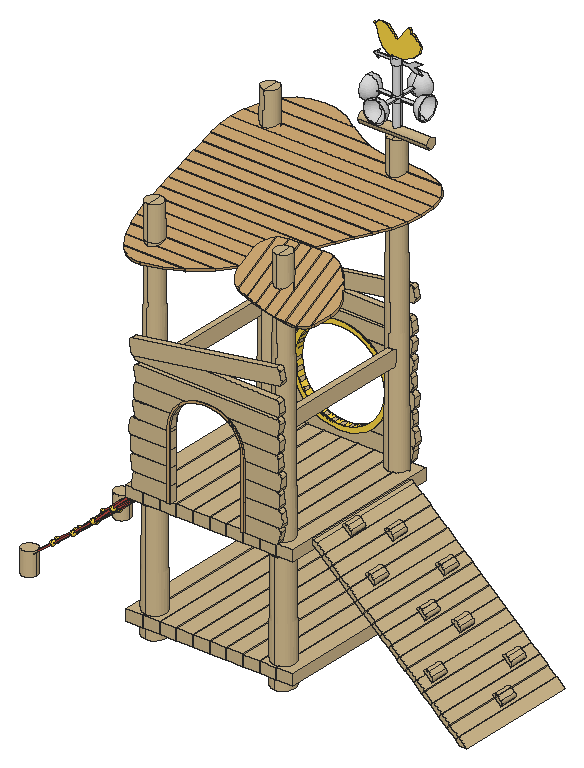
Revit family "L-FUP_놀이대_BNM-06A_예건", category 일반 모델, Revit 2019 (continued)
Definition of nested family "BNM-06A 카나리아_base"
  Forms (mm)
    Sweep 77, solid, detail levels fine
      path in 3D
        loop
          line (1023.254, 515.839, 1136.81) -> (898.653, 515.839, 938.936)
      profile "로프_프로파일 : 로프_프로파일" origin (960.953, 515.839, 1037.873) x (0.846206, 0, -0.532855) y (0, -1, 0)
        loop
          circle (0, 0) r 5
    Sweep 78, solid, detail levels fine
      path in 3D
        loop
          line (1031.398, 258.946, 1139.941) -> (893.952, 258.946, 950.763)
      profile "로프_프로파일 : 로프_프로파일" origin (962.675, 258.946, 1045.352) x (0.809017, 0, -0.587785) y (0, -1, 0)
        loop
          circle (0, 0) r 5
    Sweep 79, solid, detail levels fine
      path in 3D
        loop
          line (1031.398, 778.946, 1139.941) -> (893.952, 778.946, 950.763)
      profile "로프_프로파일 : 로프_프로파일" origin (962.675, 778.946, 1045.352) x (0.809017, 0, -0.587785) y (0, -1, 0)
        loop
          circle (0, 0) r 5
    Sweep 80, solid, detail levels fine
      path in 3D
        loop
          line (882.092, -0.923, 949.924) -> (713.472, -0.923, 787.915)
      profile "로프_프로파일 : 로프_프로파일" origin (797.782, -0.923, 868.919) x (0.692828, 0, -0.721103) y (0, -1, 0)
        loop
          circle (0, 0) r 5
    Sweep 81, solid, detail levels fine
      path in 3D
        loop
          line (875.345, 1040, 953.328) -> (715.869, 1040, 782.311)
      profile "로프_프로파일 : 로프_프로파일" origin (795.607, 1040, 867.82) x (0.731354, 0, -0.681998) y (0, -1, 0)
        loop
          circle (0, 0) r 5
    Sweep 82, solid, detail levels fine
      path in 3D
        loop
          line (881.279, 515.222, 924.799) -> (724.21, 515.222, 751.568)
      profile "로프_프로파일 : 로프_프로파일" origin (802.745, 515.222, 838.184) x (0.740821, 0, -0.671702) y (0, -1, 0)
        loop
          circle (0, 0) r 5
    Sweep 83, solid, detail levels fine
      path in 3D
        loop
          line (883.74, 258.303, 938.666) -> (721.303, 258.303, 770.458)
      profile "로프_프로파일 : 로프_프로파일" origin (802.521, 258.303, 854.562) x (0.71934, 0, -0.694658) y (0, -1, 0)
        loop
          circle (0, 0) r 5
    Sweep 84, solid, detail levels fine
      path in 3D
        loop
          line (880.476, 778.092, 935.986) -> (718.29, 778.092, 767.536)
      profile "로프_프로파일 : 로프_프로파일" origin (799.383, 778.092, 851.761) x (0.720373, 0, -0.693587) y (0, -1, 0)
        loop
          circle (0, 0) r 5
    Sweep 85, solid, detail levels fine
      path in 3D
        loop
          line (706.997, 1040, 789.157) -> (541.65, 1040, 623.809)
      profile "로프_프로파일 : 로프_프로파일" origin (624.323, 1040, 706.483) x (0.707107, 0, -0.707107) y (0, -1, 0)
        loop
          circle (0, 0) r 5
    Sweep 86, solid, detail levels fine
      path in 3D
        loop
          line (528.098, 1040, 612.974) -> (348.969, 1040, 462.667)
      profile "로프_프로파일 : 로프_프로파일" origin (438.534, 1040, 537.821) x (0.642788, 0, -0.766044) y (0, -1, 0)
        loop
          circle (0, 0) r 5
    Sweep 87, solid, detail levels fine
      path in 3D
        loop
          line (708.059, 778.336, 765.627) -> (539.851, 778.336, 603.19)
      profile "로프_프로파일 : 로프_프로파일" origin (623.955, 778.336, 684.409) x (0.694658, 0, -0.71934) y (0, -1, 0)
        loop
          circle (0, 0) r 5
    Sweep 88, solid, detail levels fine
      path in 3D
        loop
          line (519.89, 779.141, 588.495) -> (343.639, 779.141, 434.821)
      profile "로프_프로파일 : 로프_프로파일" origin (431.765, 779.141, 511.658) x (0.657182, 0, -0.753732) y (0, -1, 0)
        loop
          circle (0, 0) r 5
    Sweep 89, solid, detail levels fine
      path in 3D
        loop
          line (700.67, 515.839, 740.618) -> (538.897, 515.839, 571.772)
      profile "로프_프로파일 : 로프_프로파일" origin (619.783, 515.839, 656.195) x (0.722069, 0, -0.691821) y (0, -1, 0)
        loop
          circle (0, 0) r 5
    Sweep 90, solid, detail levels fine
      path in 3D
        loop
          line (513.931, 515.389, 559.055) -> (338.057, 515.389, 404.95)
      profile "로프_프로파일 : 로프_프로파일" origin (425.994, 515.389, 482.003) x (0.659025, 0, -0.752121) y (0, -1, 0)
        loop
          circle (0, 0) r 5
    Sweep 91, solid, detail levels fine
      path in 3D
        loop
          line (708.059, 260, 765.627) -> (539.851, 260, 603.19)
      profile "로프_프로파일 : 로프_프로파일" origin (623.955, 260, 684.409) x (0.694658, 0, -0.71934) y (0, -1, 0)
        loop
          circle (0, 0) r 5
    Sweep 92, solid, detail levels fine
      path in 3D
        loop
          line (519.89, 260.805, 588.495) -> (343.639, 260.805, 434.821)
      profile "로프_프로파일 : 로프_프로파일" origin (431.765, 260.805, 511.658) x (0.657182, 0, -0.753732) y (0, -1, 0)
        loop
          circle (0, 0) r 5
    Sweep 93, solid, detail levels fine
      path in 3D
        loop
          line (706.997, -1.02, 784.262) -> (541.65, -1.02, 618.914)
      profile "로프_프로파일 : 로프_프로파일" origin (624.323, -1.02, 701.588) x (0.707107, 0, -0.707107) y (0, -1, 0)
        loop
          circle (0, 0) r 5
    Sweep 94, solid, detail levels fine
      path in 3D
        loop
          line (528.098, 0, 612.974) -> (348.969, 0, 462.667)
      profile "로프_프로파일 : 로프_프로파일" origin (438.534, 0, 537.821) x (0.642788, 0, -0.766044) y (0, -1, 0)
        loop
          circle (0, 0) r 5
    Sweep 95, solid, detail levels fine
      path in 3D
        loop
          line (360.424, 1039.449, 466.804) -> (178.699, 1039.449, 319.645)
      profile "로프_프로파일 : 로프_프로파일" origin (269.562, 1039.449, 393.225) x (0.62932, 0, -0.777146) y (0, -1, 0)
        loop
          circle (0, 0) r 5
    Sweep 96, solid, detail levels fine
      path in 3D
        loop
          line (175.808, 1038.411, 316.769) -> (-3.414, 1038.411, 166.571)
      profile "로프_프로파일 : 로프_프로파일" origin (86.197, 1038.411, 241.67) x (0.642317, 0, -0.766439) y (0, -1, 0)
        loop
          circle (0, 0) r 5
    Sweep 97, solid, detail levels fine
      path in 3D
        loop
          line (360.066, 777.785, 453.237) -> (175.8, 777.785, 309.273)
      profile "로프_프로파일 : 로프_프로파일" origin (267.933, 777.785, 381.255) x (0.615661, 0, -0.788011) y (0, -1, 0)
        loop
          circle (0, 0) r 5
    Sweep 98, solid, detail levels fine
      path in 3D
        loop
          line (175.474, 778.94, 307.404) -> (-8.666, 778.94, 163.279)
      profile "로프_프로파일 : 로프_프로파일" origin (83.404, 778.94, 235.341) x (0.61635, 0, -0.787472) y (0, -1, 0)
        loop
          circle (0, 0) r 5
    Sweep 99, solid, detail levels fine
      path in 3D
        loop
          line (350.626, 514.09, 429.256) -> (172.09, 514.09, 278.244)
      profile "로프_프로파일 : 로프_프로파일" origin (261.358, 514.09, 353.75) x (0.645799, 0, -0.763508) y (0, -1, 0)
        loop
          circle (0, 0) r 5
    Sweep 100, solid, detail levels fine
      path in 3D
        loop
          line (168.229, 515.187, 283.314) -> (-15.558, 515.187, 138.738)
      profile "로프_프로파일 : 로프_프로파일" origin (76.336, 515.187, 211.026) x (0.618276, 0, -0.785961) y (0, -1, 0)
        loop
          circle (0, 0) r 5
    Sweep 101, solid, detail levels fine
      path in 3D
        loop
          line (357.77, 258.391, 442.312) -> (173.504, 258.391, 298.347)
      profile "로프_프로파일 : 로프_프로파일" origin (265.637, 258.391, 370.33) x (0.615661, 0, -0.788011) y (0, -1, 0)
        loop
          circle (0, 0) r 5
    Sweep 102, solid, detail levels fine
      path in 3D
        loop
          line (175.474, 258.94, 307.404) -> (-8.666, 258.94, 163.279)
      profile "로프_프로파일 : 로프_프로파일" origin (83.404, 258.94, 235.341) x (0.61635, 0, -0.787472) y (0, -1, 0)
        loop
          circle (0, 0) r 5
    Sweep 103, solid, detail levels fine
      path in 3D
        loop
          line (360.424, -0.551, 466.804) -> (178.699, -0.551, 319.645)
      profile "로프_프로파일 : 로프_프로파일" origin (269.562, -0.551, 393.225) x (0.62932, 0, -0.777146) y (0, -1, 0)
        loop
          circle (0, 0) r 5
    Sweep 104, solid, detail levels fine
      path in 3D
        loop
          line (175.808, -1.589, 316.769) -> (-3.414, -1.589, 166.571)
      profile "로프_프로파일 : 로프_프로파일" origin (86.197, -1.589, 241.67) x (0.642317, 0, -0.766439) y (0, -1, 0)
        loop
          circle (0, 0) r 5
    Sweep 105, solid, detail levels fine
      path in 3D
        loop
          line (3.819, 772.739, 159.292) -> (5.101, 524.582, 146.566)
      profile "로프_프로파일 : 로프_프로파일" origin (4.46, 648.66, 152.929) x (-0.000264, 0.051214, -0.998688) y (0.999987, 0.005164, 0)
        loop
          circle (0, 0) r 5
    Sweep 106, solid, detail levels fine
      path in 3D
        loop
          line (-3.19, 1032.308, 176.309) -> (-1.908, 784.15, 163.583)
      profile "로프_프로파일 : 로프_프로파일" origin (-2.549, 908.229, 169.946) x (-0.000264, 0.051214, -0.998688) y (0.999987, 0.005164, 0)
        loop
          circle (0, 0) r 5
    Sweep 107, solid, detail levels fine
      path in 3D
        loop
          line (3.819, 242.739, 164.915) -> (5.101, -5.418, 177.641)
      profile "로프_프로파일 : 로프_프로파일" origin (4.46, 118.66, 171.278) x (0.000264, -0.051214, -0.998688) y (0.999987, 0.005164, 0)
        loop
          circle (0, 0) r 5
    Sweep 108, solid, detail levels fine
      path in 3D
        loop
          line (-3.19, 502.308, 147.898) -> (-1.908, 254.15, 160.624)
      profile "로프_프로파일 : 로프_프로파일" origin (-2.549, 378.229, 154.261) x (0.000264, -0.051214, -0.998688) y (0.999987, 0.005164, 0)
        loop
          circle (0, 0) r 5
    Sweep 109, solid, detail levels fine
      path in 3D
        loop
          line (168.819, 772.739, 289.292) -> (170.101, 524.582, 276.566)
      profile "로프_프로파일 : 로프_프로파일" origin (169.46, 648.66, 282.929) x (-0.000264, 0.051214, -0.998688) y (0.999987, 0.005164, 0)
        loop
          circle (0, 0) r 5
    Sweep 110, solid, detail levels fine
      path in 3D
        loop
          line (161.81, 1032.308, 306.309) -> (163.092, 784.15, 293.583)
      profile "로프_프로파일 : 로프_프로파일" origin (162.451, 908.229, 299.946) x (-0.000264, 0.051214, -0.998688) y (0.999987, 0.005164, 0)
        loop
          circle (0, 0) r 5
    Sweep 111, solid, detail levels fine
      path in 3D
        loop
          line (168.819, 242.739, 294.915) -> (170.101, -5.418, 307.641)
      profile "로프_프로파일 : 로프_프로파일" origin (169.46, 118.66, 301.278) x (0.000264, -0.051214, -0.998688) y (0.999987, 0.005164, 0)
        loop
          circle (0, 0) r 5
    Sweep 112, solid, detail levels fine
      path in 3D
        loop
          line (161.81, 502.308, 277.898) -> (163.092, 254.15, 290.624)
      profile "로프_프로파일 : 로프_프로파일" origin (162.451, 378.229, 284.261) x (0.000264, -0.051214, -0.998688) y (0.999987, 0.005164, 0)
        loop
          circle (0, 0) r 5
    Sweep 113, solid, detail levels fine
      path in 3D
        loop
          line (168.819, 777.577, 285.864) -> (170.101, 529.419, 273.138)
      profile "로프_프로파일 : 로프_프로파일" origin (169.46, 653.498, 279.501) x (-0.000264, 0.051214, -0.998688) y (0.999987, 0.005164, 0)
        loop
          circle (0, 0) r 5
    Sweep 114, solid, detail levels fine
      path in 3D
        loop
          line (161.81, 1037.145, 302.881) -> (163.092, 788.988, 290.155)
      profile "로프_프로파일 : 로프_프로파일" origin (162.451, 913.067, 296.518) x (-0.000264, 0.051214, -0.998688) y (0.999987, 0.005164, 0)
        loop
          circle (0, 0) r 5
    Sweep 115, solid, detail levels fine
      path in 3D
        loop
          line (168.819, 247.577, 291.487) -> (170.101, -0.581, 304.213)
      profile "로프_프로파일 : 로프_프로파일" origin (169.46, 123.498, 297.85) x (0.000264, -0.051214, -0.998688) y (0.999987, 0.005164, 0)
        loop
          circle (0, 0) r 5
    Sweep 116, solid, detail levels fine
      path in 3D
        loop
          line (161.81, 507.145, 274.47) -> (163.092, 258.988, 287.197)
      profile "로프_프로파일 : 로프_프로파일" origin (162.451, 383.067, 280.834) x (0.000264, -0.051214, -0.998688) y (0.999987, 0.005164, 0)
        loop
          circle (0, 0) r 5
    Sweep 117, solid, detail levels fine
      path in 3D
        loop
          line (353.819, 777.577, 430.864) -> (355.101, 529.419, 418.138)
      profile "로프_프로파일 : 로프_프로파일" origin (354.46, 653.498, 424.501) x (-0.000264, 0.051214, -0.998688) y (0.999987, 0.005164, 0)
        loop
          circle (0, 0) r 5
    Sweep 118, solid, detail levels fine
      path in 3D
        loop
          line (346.81, 1037.145, 447.881) -> (348.092, 788.988, 435.155)
      profile "로프_프로파일 : 로프_프로파일" origin (347.451, 913.067, 441.518) x (-0.000264, 0.051214, -0.998688) y (0.999987, 0.005164, 0)
        loop
          circle (0, 0) r 5
    Sweep 119, solid, detail levels fine
      path in 3D
        loop
          line (353.819, 247.577, 436.487) -> (355.101, -0.581, 449.213)
      profile "로프_프로파일 : 로프_프로파일" origin (354.46, 123.498, 442.85) x (0.000264, -0.051214, -0.998688) y (0.999987, 0.005164, 0)
        loop
          circle (0, 0) r 5
    Sweep 120, solid, detail levels fine
      path in 3D
        loop
          line (346.81, 507.145, 419.47) -> (348.092, 258.988, 432.197)
      profile "로프_프로파일 : 로프_프로파일" origin (347.451, 383.067, 425.834) x (0.000264, -0.051214, -0.998688) y (0.999987, 0.005164, 0)
        loop
          circle (0, 0) r 5
    Sweep 121, solid, detail levels fine
      path in 3D
        loop
          line (353.819, 782.414, 430.864) -> (355.101, 534.257, 418.138)
      profile "로프_프로파일 : 로프_프로파일" origin (354.46, 658.335, 424.501) x (-0.000264, 0.051214, -0.998688) y (0.999987, 0.005164, 0)
        loop
          circle (0, 0) r 5
    Sweep 122, solid, detail levels fine
      path in 3D
        loop
          line (346.81, 1041.983, 447.881) -> (348.092, 793.825, 435.155)
      profile "로프_프로파일 : 로프_프로파일" origin (347.451, 917.904, 441.518) x (-0.000264, 0.051214, -0.998688) y (0.999987, 0.005164, 0)
        loop
          circle (0, 0) r 5
    Sweep 123, solid, detail levels fine
      path in 3D
        loop
          line (353.819, 252.414, 436.487) -> (355.101, 4.257, 449.213)
      profile "로프_프로파일 : 로프_프로파일" origin (354.46, 128.335, 442.85) x (0.000264, -0.051214, -0.998688) y (0.999987, 0.005164, 0)
        loop
          circle (0, 0) r 5
    Sweep 124, solid, detail levels fine
      path in 3D
        loop
          line (346.81, 511.983, 419.47) -> (348.092, 263.825, 432.197)
      profile "로프_프로파일 : 로프_프로파일" origin (347.451, 387.904, 425.834) x (0.000264, -0.051214, -0.998688) y (0.999987, 0.005164, 0)
        loop
          circle (0, 0) r 5
    Sweep 125, solid, detail levels fine
      path in 3D
        loop
          line (528.819, 782.414, 580.864) -> (530.101, 534.257, 568.138)
      profile "로프_프로파일 : 로프_프로파일" origin (529.46, 658.335, 574.501) x (-0.000264, 0.051214, -0.998688) y (0.999987, 0.005164, 0)
        loop
          circle (0, 0) r 5
    Sweep 126, solid, detail levels fine
      path in 3D
        loop
          line (521.81, 1041.983, 597.881) -> (523.092, 793.825, 585.155)
      profile "로프_프로파일 : 로프_프로파일" origin (522.451, 917.904, 591.518) x (-0.000264, 0.051214, -0.998688) y (0.999987, 0.005164, 0)
        loop
          circle (0, 0) r 5
    Sweep 127, solid, detail levels fine
      path in 3D
        loop
          line (528.819, 252.414, 586.487) -> (530.101, 4.257, 599.213)
      profile "로프_프로파일 : 로프_프로파일" origin (529.46, 128.335, 592.85) x (0.000264, -0.051214, -0.998688) y (0.999987, 0.005164, 0)
        loop
          circle (0, 0) r 5
    Sweep 128, solid, detail levels fine
      path in 3D
        loop
          line (526.729, 513.607, 574.284) -> (528.01, 265.45, 587.01)
      profile "로프_프로파일 : 로프_프로파일" origin (527.369, 389.528, 580.647) x (0.000264, -0.051214, -0.998688) y (0.999987, 0.005164, 0)
        loop
          circle (0, 0) r 5
    Sweep 129, solid, detail levels fine
      path in 3D
        loop
          line (528.819, 772.739, 580.864) -> (530.101, 524.582, 568.138)
      profile "로프_프로파일 : 로프_프로파일" origin (529.46, 648.66, 574.501) x (-0.000264, 0.051214, -0.998688) y (0.999987, 0.005164, 0)
        loop
          circle (0, 0) r 5
    Sweep 130, solid, detail levels fine
      path in 3D
        loop
          line (521.81, 1032.308, 597.881) -> (523.092, 784.15, 585.155)
      profile "로프_프로파일 : 로프_프로파일" origin (522.451, 908.229, 591.518) x (-0.000264, 0.051214, -0.998688) y (0.999987, 0.005164, 0)
        loop
          circle (0, 0) r 5
    Sweep 131, solid, detail levels fine
      path in 3D
        loop
          line (528.819, 242.739, 586.487) -> (530.101, -5.418, 599.213)
      profile "로프_프로파일 : 로프_프로파일" origin (529.46, 118.66, 592.85) x (0.000264, -0.051214, -0.998688) y (0.999987, 0.005164, 0)
        loop
          circle (0, 0) r 5
    Sweep 132, solid, detail levels fine
      path in 3D
        loop
          line (704.055, 776.495, 764.859) -> (705.336, 528.338, 752.133)
      profile "로프_프로파일 : 로프_프로파일" origin (704.695, 652.416, 758.496) x (-0.000264, 0.051214, -0.998688) y (0.999987, 0.005164, 0)
        loop
          circle (0, 0) r 5
    Sweep 133, solid, detail levels fine
      path in 3D
        loop
          line (706.575, 1032.6, 783.098) -> (707.857, 784.443, 770.371)
      profile "로프_프로파일 : 로프_프로파일" origin (707.216, 908.521, 776.734) x (-0.000264, 0.051214, -0.998688) y (0.999987, 0.005164, 0)
        loop
          circle (0, 0) r 5
    Sweep 134, solid, detail levels fine
      path in 3D
        loop
          line (706.437, 242.593, 763.879) -> (707.719, -5.565, 776.605)
      profile "로프_프로파일 : 로프_프로파일" origin (707.078, 118.514, 770.242) x (0.000264, -0.051214, -0.998688) y (0.999987, 0.005164, 0)
        loop
          circle (0, 0) r 5
    Sweep 135, solid, detail levels fine
      path in 3D
        loop
          line (704.193, 500.738, 747.382) -> (705.474, 252.581, 760.108)
      profile "로프_프로파일 : 로프_프로파일" origin (704.833, 376.659, 753.745) x (0.000264, -0.051214, -0.998688) y (0.999987, 0.005164, 0)
        loop
          circle (0, 0) r 5
    Sweep 136, solid, detail levels fine
      path in 3D
        loop
          line (886.346, 775.472, 943.502) -> (887.628, 527.314, 930.776)
      profile "로프_프로파일 : 로프_프로파일" origin (886.987, 651.393, 937.139) x (-0.000264, 0.051214, -0.998688) y (0.999987, 0.005164, 0)
        loop
          circle (0, 0) r 5
    Sweep 137, solid, detail levels fine
      path in 3D
        loop
          line (886.756, 1030.962, 960.65) -> (888.038, 782.805, 947.924)
      profile "로프_프로파일 : 로프_프로파일" origin (887.397, 906.884, 954.287) x (-0.000264, 0.051214, -0.998688) y (0.999987, 0.005164, 0)
        loop
          circle (0, 0) r 5
    Sweep 138, solid, detail levels fine
      path in 3D
        loop
          line (888.819, 242.739, 951.487) -> (890.101, -5.418, 964.213)
      profile "로프_프로파일 : 로프_프로파일" origin (889.46, 118.66, 957.85) x (0.000264, -0.051214, -0.998688) y (0.999987, 0.005164, 0)
        loop
          circle (0, 0) r 5
    Sweep 139, solid, detail levels fine
      path in 3D
        loop
          line (886.756, 500.962, 932.24) -> (888.038, 252.805, 944.966)
      profile "로프_프로파일 : 로프_프로파일" origin (887.397, 376.884, 938.603) x (0.000264, -0.051214, -0.998688) y (0.999987, 0.005164, 0)
        loop
          circle (0, 0) r 5
    Extrusion 140, solid, detail levels coarse+medium
      sketch origin (0, 0, 0) x (1, 0, 0) y (0, 1, 0)
        loop
          line (2426.458, -107.81) -> (2382.456, -63.807) -> (2320.227, -63.807) -> (2276.225, -107.81) -> (2276.225, -170.039) -> (2320.227, -214.041) -> (2382.456, -214.041) -> (2426.458, -170.039) -> (2426.458, -107.81)
        loop
          line (1276.458, -107.81) -> (1232.456, -63.807) -> (1170.227, -63.807) -> (1126.225, -107.81) -> (1126.225, -170.039) -> (1170.227, -214.041) -> (1232.456, -214.041) -> (1276.458, -170.039) -> (1276.458, -107.81)
      from 0 to 3500
    Extrusion 141, solid, detail levels coarse+medium
      sketch origin (0, 0, 0) x (1, 0, 0) y (0, 1, 0)
        loop
          line (2426.458, 1151.743) -> (2382.456, 1195.745) -> (2320.227, 1195.745) -> (2276.225, 1151.743) -> (2276.225, 1089.514) -> (2320.227, 1045.511) -> (2382.456, 1045.511) -> (2426.458, 1089.514) -> (2426.458, 1151.743)
        loop
          line (1281.458, 1151.743) -> (1237.456, 1195.745) -> (1175.227, 1195.745) -> (1131.225, 1151.743) -> (1131.225, 1089.514) -> (1175.227, 1045.511) -> (1237.456, 1045.511) -> (1281.458, 1089.514) -> (1281.458, 1151.743)
      from 0 to 3900
    Extrusion 142, solid, detail levels coarse+medium
      sketch origin (0, 0, 0) x (1, 0, 0) y (0, 1, 0)
        loop
          line (1031.439, 1241.725) -> (1031.439, -258.275) -> (2531.439, -258.275) -> (2531.439, 1241.725) -> (1031.439, 1241.725)
      from 100 to 200
    Extrusion 143, solid, detail levels coarse+medium
      sketch origin (0, 0, 0) x (1, 0, 0) y (0, 1, 0)
        loop
          line (1031.439, 1241.725) -> (1031.439, -258.275) -> (2531.439, -258.275) -> (2531.439, 1241.725) -> (1031.439, 1241.725)
      from 1100 to 1200
    Extrusion 144, solid, detail levels coarse+medium
      sketch origin (0, 0, 0) x (1, 0, 0) y (0, 0, 1)
        loop
          line (2531.439, 1200) -> (2531.439, 1166.984) -> (3869.513, 0) -> (3930.369, 0) -> (2554.439, 1200) -> (2531.439, 1200)
      from -1050 to 50
    Extrusion 145, solid, detail levels coarse+medium
      sketch origin (0, 0, 0) x (0, 1, 0) y (0, 0, 1)
        loop
          line (-76.478, 2193.725) -> (-76.478, 2053.725) -> (1050.382, 2053.725) -> (1050.382, 2193.725) -> (-76.478, 2193.725)
      from 2350 to 2400
    Extrusion 146, solid, detail levels coarse+medium
      sketch origin (0, 0, 0) x (0, 1, 0) y (0, 0, 1)
        loop
          line (-76.478, 2193.725) -> (-76.478, 2053.725) -> (1050.382, 2053.725) -> (1050.382, 2193.725) -> (-76.478, 2193.725)
      from 1150 to 1200
    Extrusion 147, solid, detail levels coarse+medium
      sketch origin (-3616.561, 0, 20472.975) x (1, 0, 0) y (0, 0, 1)
        loop
          line (4733.019, -18039.878) -> (4733.019, -19272.975) -> (5065.647, -19272.975) -> (5065.647, -18685.471)
          arc (5065.647, -18685.471) -> (5385.647, -18365.471) -> (5705.647, -18685.471) r 320
          line (5705.647, -18685.471) -> (5705.647, -19272.975) -> (6064.958, -19272.975) -> (6064.958, -18039.878) -> (4733.019, -18039.878)
      from 225 to 275
    Extrusion 148, solid, detail levels coarse+medium
      sketch origin (-3616.561, 0, 20472.975) x (1, 0, 0) y (0, 0, 1)
        loop
          line (4733.019, -18039.878) -> (4733.019, -19272.975) -> (5065.647, -19272.975) -> (5065.647, -18685.471)
          arc (5065.647, -18685.471) -> (5385.647, -18365.471) -> (5705.647, -18685.471) r 320
          line (5705.647, -18685.471) -> (5705.647, -19272.975) -> (6064.958, -19272.975) -> (6064.958, -18039.878) -> (4733.019, -18039.878)
      from -1220 to -1270
    Extrusion 149, solid, detail levels coarse+medium
      sketch origin (-88680, 79320.892, 24826.743) x (1, 0, 0) y (0, 0.953191, 0.30237)
        loop
          arc (90756.683, -80857.59) -> (90671.574, -80836.505) -> (90590.05, -80804.226) r 654.141
          arc (90590.05, -80804.226) -> (90465.287, -80742.28) -> (90342.673, -80676.183) r 4150.77
          arc (90342.673, -80676.183) -> (90034.511, -80643.613) -> (89757.484, -80782.466) r 551.141
          arc (89757.484, -80782.466) -> (89624.43, -80962.091) -> (89564.756, -81177.515) r 612.002
          line (89564.756, -81177.515) -> (89569.51, -81971.264)
          arc (89569.51, -81971.264) -> (89596.608, -82216.134) -> (89694.118, -82442.381) r 833.341
          arc (89694.118, -82442.381) -> (89789.182, -82513.924) -> (89907.382, -82527.509) r 226.832
          arc (89907.382, -82527.509) -> (90287.765, -82422.714) -> (90619.302, -82208.808) r 1302.205
          line (90619.302, -82208.808) -> (90803.579, -82012.058) -> (91273.661, -81510.754)
          arc (91273.661, -81510.754) -> (91406.258, -81341.311) -> (91482.704, -81140.192) r 718.052
          arc (91482.704, -81140.192) -> (91462.558, -81006.765) -> (91359.44, -80919.728) r 191.548
          arc (91359.44, -80919.728) -> (91122.095, -80865.529) -> (90878.65, -80867.627) r 1046.687
          arc (90878.65, -80867.627) -> (90817.431, -80865.467) -> (90756.683, -80857.59) r 654.141
      from 3380 to 3400
    Extrusion 150, solid, detail levels coarse+medium
      sketch origin (-88660, 73842.508, 39357.129) x (1, 0, 0) y (0, 0.880643, 0.473781)
        loop
          arc (91402.396, -82046.714) -> (91286.357, -81958.561) -> (91142.769, -81933.69) r 307.69
          line (91142.769, -81933.69) -> (90830.769, -81948.056)
          arc (90830.769, -81948.056) -> (90707.683, -82000.055) -> (90649.734, -82120.454) r 189.024
          line (90649.734, -82120.454) -> (90642.505, -82270.782)
          arc (90642.505, -82270.782) -> (90669.389, -82386.712) -> (90762.964, -82460.239) r 179.205
          arc (90762.964, -82460.239) -> (91031.047, -82531.116) -> (91306.335, -82564.412) r 2009.398
          arc (91306.335, -82564.412) -> (91392.053, -82548.771) -> (91464.464, -82500.308) r 214.372
          line (91464.464, -82500.308) -> (91531.352, -82389.333)
          arc (91531.352, -82389.333) -> (91548.439, -82310.304) -> (91530.496, -82231.464) r 186.63
          arc (91530.496, -82231.464) -> (91472.679, -82134.768) -> (91402.396, -82046.714) r 836.875
      from 3250 to 3270
    Extrusion 151, solid, detail levels coarse+medium
      sketch origin (-88672.582, 82125.022, 0) x (1, 0, 0) y (0, 1, 0)
        loop
          line (88691.602, -81107.651) -> (88691.602, -81051.318) -> (88651.769, -81011.485) -> (88595.436, -81011.485) -> (88555.602, -81051.318) -> (88555.602, -81107.651) -> (88595.436, -81147.485) -> (88651.769, -81147.485) -> (88691.602, -81107.651)
        loop
          line (88651.769, -82187.485) -> (88691.602, -82147.651) -> (88691.602, -82091.318) -> (88651.769, -82051.485) -> (88595.436, -82051.485) -> (88555.602, -82091.318) -> (88555.602, -82147.651) -> (88595.436, -82187.485) -> (88651.769, -82187.485)
      from 0 to 200
    Extrusion 152, solid, detail levels coarse+medium
      sketch origin (-61565.489, 82119.485, -63662.617) x (0.694658, 0, 0.71934) y (0, 1, 0)
        loop
          line (88667.602, -81079.485) -> (88667.602, -82119.485) -> (90107.602, -82119.485) -> (90107.602, -81079.485) -> (88667.602, -81079.485)
        loop
          line (88683.602, -81095.485) -> (88683.602, -81339.485) -> (88955.602, -81339.485) -> (88955.602, -81095.485) -> (88683.602, -81095.485)
        loop
          line (88683.602, -81355.485) -> (88683.602, -81599.485) -> (88955.602, -81599.485) -> (88955.602, -81355.485) -> (88683.602, -81355.485)
        loop
          line (88683.602, -81615.485) -> (88683.602, -81859.485) -> (88955.602, -81859.485) -> (88955.602, -81615.485) -> (88683.602, -81615.485)
        loop
          line (88683.602, -81875.485) -> (88683.602, -82103.485) -> (88955.602, -82103.485) -> (88955.602, -81875.485) -> (88683.602, -81875.485)
        loop
          line (88971.602, -81095.485) -> (88971.602, -81339.485) -> (89243.602, -81339.485) -> (89243.602, -81095.485) -> (88971.602, -81095.485)
        loop
          line (88971.602, -81355.485) -> (88971.602, -81599.485) -> (89243.602, -81599.485) -> (89243.602, -81355.485) -> (88971.602, -81355.485)
        loop
          line (88971.602, -81615.485) -> (88971.602, -81859.485) -> (89243.602, -81859.485) -> (89243.602, -81615.485) -> (88971.602, -81615.485)
        loop
          line (88971.602, -81875.485) -> (88971.602, -82103.485) -> (89243.602, -82103.485) -> (89243.602, -81875.485) -> (88971.602, -81875.485)
        loop
          line (89259.602, -81095.485) -> (89259.602, -81339.485) -> (89531.602, -81339.485) -> (89531.602, -81095.485) -> (89259.602, -81095.485)
        loop
          line (89259.602, -81355.485) -> (89259.602, -81599.485) -> (89531.602, -81599.485) -> (89531.602, -81355.485) -> (89259.602, -81355.485)
        loop
          line (89259.602, -81615.485) -> (89259.602, -81859.485) -> (89531.602, -81859.485) -> (89531.602, -81615.485) -> (89259.602, -81615.485)
        loop
          line (89259.602, -81875.485) -> (89259.602, -82103.485) -> (89531.602, -82103.485) -> (89531.602, -81875.485) -> (89259.602, -81875.485)
        loop
          line (89547.602, -81095.485) -> (89547.602, -81339.485) -> (89819.602, -81339.485) -> (89819.602, -81095.485) -> (89547.602, -81095.485)
        loop
          line (89547.602, -81355.485) -> (89547.602, -81599.485) -> (89819.602, -81599.485) -> (89819.602, -81355.485) -> (89547.602, -81355.485)
        loop
          line (89547.602, -81615.485) -> (89547.602, -81859.485) -> (89819.602, -81859.485) -> (89819.602, -81615.485) -> (89547.602, -81615.485)
        loop
          line (89547.602, -81875.485) -> (89547.602, -82103.485) -> (89819.602, -82103.485) -> (89819.602, -81875.485) -> (89547.602, -81875.485)
        loop
          line (89835.602, -81095.485) -> (89835.602, -81339.485) -> (90091.602, -81339.485) -> (90091.602, -81095.485) -> (89835.602, -81095.485)
        loop
          line (89835.602, -81355.485) -> (89835.602, -81599.485) -> (90091.602, -81599.485) -> (90091.602, -81355.485) -> (89835.602, -81355.485)
        loop
          line (89835.602, -81615.485) -> (89835.602, -81859.485) -> (90091.602, -81859.485) -> (90091.602, -81615.485) -> (89835.602, -81615.485)
        loop
          line (89835.602, -81875.485) -> (89835.602, -82103.485) -> (90091.602, -82103.485) -> (90091.602, -81875.485) -> (89835.602, -81875.485)
      from 0 to 16
  Lines and regions (mm)
    sketch lines
      curve 1: line (1031.439, 0, 1150) -> (887.475, 0, 965.734)
      curve 2: line (1031.439, 1040, 1150) -> (887.475, 1040, 965.734)
      curve 3: line (1023.254, 515.839, 1136.81) -> (898.653, 515.839, 938.936)
      curve 4: line (1031.398, 258.946, 1139.941) -> (893.952, 258.946, 950.763)
      curve 5: line (1031.398, 778.946, 1139.941) -> (893.952, 778.946, 950.763)
      curve 6: line (882.092, -0.923, 949.924) -> (713.472, -0.923, 787.915)
      curve 7: line (875.345, 1040, 953.328) -> (715.869, 1040, 782.311)
      curve 8: line (881.279, 515.222, 924.799) -> (724.21, 515.222, 751.568)
      curve 9: line (883.74, 258.303, 938.666) -> (721.303, 258.303, 770.458)
      curve 10: line (880.476, 778.092, 935.986) -> (718.29, 778.092, 767.536)
      curve 11: line (706.997, 1040, 789.157) -> (541.65, 1040, 623.809)
      curve 12: line (528.098, 1040, 612.974) -> (348.969, 1040, 462.667)
      curve 13: line (708.059, 778.336, 765.627) -> (539.851, 778.336, 603.19)
      curve 14: line (519.89, 779.141, 588.495) -> (343.639, 779.141, 434.821)
      curve 15: line (700.67, 515.839, 740.618) -> (538.897, 515.839, 571.772)
      curve 16: line (513.931, 515.389, 559.055) -> (338.057, 515.389, 404.95)
      curve 17: line (708.059, 260, 765.627) -> (539.851, 260, 603.19)
      curve 18: line (519.89, 260.805, 588.495) -> (343.639, 260.805, 434.821)
      curve 19: line (706.997, -1.02, 784.262) -> (541.65, -1.02, 618.914)
      curve 20: line (528.098, 0, 612.974) -> (348.969, 0, 462.667)
      curve 21: line (360.424, 1039.449, 466.804) -> (178.699, 1039.449, 319.645)
      curve 22: line (175.808, 1038.411, 316.769) -> (-3.414, 1038.411, 166.571)
      curve 23: line (360.066, 777.785, 453.237) -> (175.8, 777.785, 309.273)
      curve 24: line (175.474, 778.94, 307.404) -> (-8.666, 778.94, 163.279)
      curve 25: line (350.626, 514.09, 429.256) -> (172.09, 514.09, 278.244)
      curve 26: line (168.229, 515.187, 283.314) -> (-15.558, 515.187, 138.738)
      curve 27: line (357.77, 258.391, 442.312) -> (173.504, 258.391, 298.347)
      curve 28: line (175.474, 258.94, 307.404) -> (-8.666, 258.94, 163.279)
      curve 29: line (360.424, -0.551, 466.804) -> (178.699, -0.551, 319.645)
      curve 30: line (175.808, -1.589, 316.769) -> (-3.414, -1.589, 166.571)
      curve 31: line (3.819, 772.739, 159.292) -> (5.101, 524.582, 146.566)
      curve 32: line (-3.19, 1032.308, 176.309) -> (-1.908, 784.15, 163.583)
      curve 33: line (3.819, 242.739, 164.915) -> (5.101, -5.418, 177.641)
      curve 34: line (-3.19, 502.308, 147.898) -> (-1.908, 254.15, 160.624)
      curve 35: line (168.819, 772.739, 289.292) -> (170.101, 524.582, 276.566)
      curve 36: line (161.81, 1032.308, 306.309) -> (163.092, 784.15, 293.583)
      curve 37: line (168.819, 242.739, 294.915) -> (170.101, -5.418, 307.641)
      curve 38: line (161.81, 502.308, 277.898) -> (163.092, 254.15, 290.624)
      curve 39: line (168.819, 777.577, 285.864) -> (170.101, 529.419, 273.138)
      curve 40: line (161.81, 1037.145, 302.881) -> (163.092, 788.988, 290.155)
      curve 41: line (168.819, 247.577, 291.487) -> (170.101, -0.581, 304.213)
      curve 42: line (161.81, 507.145, 274.47) -> (163.092, 258.988, 287.197)
      curve 43: line (353.819, 777.577, 430.864) -> (355.101, 529.419, 418.138)
      curve 44: line (346.81, 1037.145, 447.881) -> (348.092, 788.988, 435.155)
      curve 45: line (353.819, 247.577, 436.487) -> (355.101, -0.581, 449.213)
      curve 46: line (346.81, 507.145, 419.47) -> (348.092, 258.988, 432.197)
      curve 47: line (353.819, 782.414, 430.864) -> (355.101, 534.257, 418.138)
      curve 48: line (346.81, 1041.983, 447.881) -> (348.092, 793.825, 435.155)
      curve 49: line (353.819, 252.414, 436.487) -> (355.101, 4.257, 449.213)
      curve 50: line (346.81, 511.983, 419.47) -> (348.092, 263.825, 432.197)
      curve 51: line (528.819, 782.414, 580.864) -> (530.101, 534.257, 568.138)
      curve 52: line (521.81, 1041.983, 597.881) -> (523.092, 793.825, 585.155)
      curve 53: line (528.819, 252.414, 586.487) -> (530.101, 4.257, 599.213)
      curve 54: line (526.729, 513.607, 574.284) -> (528.01, 265.45, 587.01)
      curve 55: line (528.819, 772.739, 580.864) -> (530.101, 524.582, 568.138)
      curve 56: line (521.81, 1032.308, 597.881) -> (523.092, 784.15, 585.155)
      curve 57: line (528.819, 242.739, 586.487) -> (530.101, -5.418, 599.213)
      curve 58: line (704.055, 776.495, 764.859) -> (705.336, 528.338, 752.133)
      curve 59: line (706.575, 1032.6, 783.098) -> (707.857, 784.443, 770.371)
      curve 60: line (706.437, 242.593, 763.879) -> (707.719, -5.565, 776.605)
      curve 61: line (704.193, 500.738, 747.382) -> (705.474, 252.581, 760.108)
      curve 62: line (886.346, 775.472, 943.502) -> (887.628, 527.314, 930.776)
      curve 63: line (886.756, 1030.962, 960.65) -> (888.038, 782.805, 947.924)
      curve 64: line (888.819, 242.739, 951.487) -> (890.101, -5.418, 964.213)
      curve 65: line (886.756, 500.962, 932.24) -> (888.038, 252.805, 944.966)
  Dimensions and locks
    aligned and locked: level to plane 2
